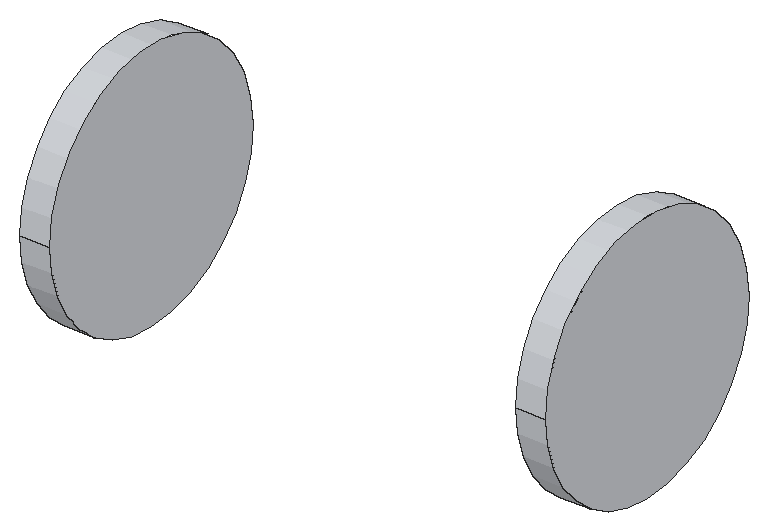
Revit family "SENT500S", category Mechanical Equipment, Revit 2013
Parameters
  Width (including controller) = "858mm"
  Width (excluding controller) = "765mm"
  Weight = "55Kg"
  Warranty period = "Unit 2 years,Motor 5 years"
  Spigot Diameter = "500mm"
  Product Description = "Sentinel D-Box Single Fan"
  Part Number = "SENT500S"
  Options = "Weatherproofed and Constant Pressure options"
  Operational and Maintenance Manual = "http://www.vent-axia.com/files/pdf-downloads/432395.pdf"
  Operating Temperature = "(-10C to +40C)"
  Motor Rating = "1000 Watts (max)"
  Manufacturer - Website = "www.vent-axia.com"
  Manufacturer - Name = "Vent-Axia Ltd"
  Manufacturer - Email = "sales@vent-axia.com"
  Manufacturer - Contact Phone = "0844 856 0590"
  Manufacturer - Address = "Fleming Way, Crawley, West Sussex RH10 9YX"
  Length (including Spigots) = "996mm"
  Length (excluding Spigots) = "898mm"
  IP Rating  Internal = "IPX2"
  IP Rating  External (WP) = "IPX5"
  Height = "577mm"
  Country of Manufacture = "UK"
  Category = "Sentinel D-Box Single Fan"
  AC Voltage Input = "400 V AC (single phase)"
  AC Frequency Input = "50Hz nominal"
Reference planes
  plane 1 "Center (Front/Back)": y = 0
  plane 2: z = 0
  plane 3 "Center (Left/Right)": x = 0
  plane 4: y = -382.5
  plane 5: y = 382.5
  plane 6: x = -498
  plane 7: x = 498
Forms (mm)
  Extrusion 1, solid
    sketch origin (-498, 0, 0) x (0, 1, 0) y (0, 0, 1)
      loop
        circle (-56.079, 287.571) r 250
    from 5 to 63.794
  Extrusion 2, solid
    sketch origin (498, 0, 0) x (0, 1, 0) y (0, 0, 1)
      loop
        circle (1.224, 286.735) r 250
    from -57.265 to 1.53
Connectors
  hvac at (499.53, 1.224, 286.735)
    settings: on Extrusion 2, index 1, duct flow 0.0 L/s, flow factor 0, pres drop 0.0 Pa, loss coef 0, conn angle 0.00°, conn width 304.8 mm, conn height 304.8 mm, conn radius 250 mm, duct sys type 2, conn prof type 0, flow config 0, flow direction 1, loss method 0, conn ref index -1, conn util no, is conn primary yes, conn desc ""
  hvac at (-493, -56.079, 287.571)
    settings: on Extrusion 1, index 2, duct flow 0.0 L/s, flow factor 0, pres drop 0.0 Pa, loss coef 0, conn angle 0.00°, conn width 304.8 mm, conn height 304.8 mm, conn radius 250 mm, duct sys type 3, conn prof type 0, flow config 0, flow direction 2, loss method 0, conn ref index -1, conn util no, is conn primary no, conn desc ""
